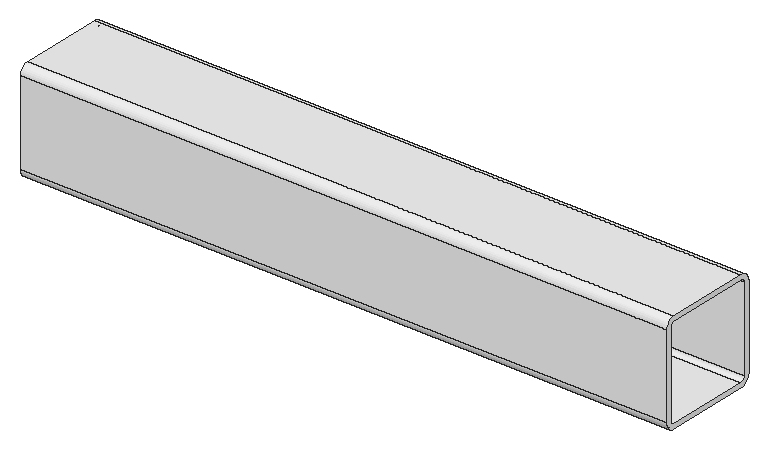
Revit family
Parameters (values of type "HSS203.2X203.2X9.5")
  시작 확장 계산 [instance] = 3012.5 mm + 시작 확장  # 3037.5 mm
  시작 확장 [instance] = 25 mm
  끝 확장 계산 [instance] = 3012.5 mm + 끝 확장  # 3037.5 mm
  끝 확장 [instance] = 25 mm
  보 재료 [instance] = 금속 - 스틸 - 345 MPa
  Assembly Code = ""
  A = 0.007 m²
  Ht = 203 mm
  Length [instance] = 1524 mm
  W = 0.549
  모양 = "정사각형"
  b = 203 mm
  tr = 2 * t  # 17.8 mm
  t = 8.9 mm
Reference planes
  plane 1 "중심(앞/뒤)": y = 0
  plane 2: z = 0
  plane 3 "중심(왼쪽/오른쪽)": x = 4.61
  plane 4 "왼쪽 부재": x = -604.99
  plane 5 "오른쪽 부재": x = 614.21
  plane 6: y = 101.5
  plane 7: y = -101.5
  plane 8 "상단": z = 101.5
  plane 9: z = -101.5
  plane 10 "왼쪽": x = -757.39
  plane 11 "오른쪽": x = 766.61
  plane 12: x = -642.49
  plane 13: x = 651.71
  plane 14: x = 2395.01
  plane 15: x = -2385.79
Forms (mm)
  Sweep 1, solid, material "금속 - 스틸 - 345 MPa" <- "보 재료", detail levels fine
    path origin (0, 0, 0) x (1, 0, 0) y (0, 1, 0)
      loop
        line (651.71, 0) -> (-642.49, 0)
    profile "M_속 빈-구조-단면-프로파일-섬세 : M_속 빈-구조-단면-프로파일-섬세" origin (4.61, 0, 0) x (0, -1, 0) y (0, 0, 1)
      loop
        arc (-83.7, 92.6) -> (-89.993, 89.993) -> (-92.6, 83.7) r 8.9
        line (-92.6, 83.7) -> (-92.6, -83.7)
        arc (-92.6, -83.7) -> (-89.993, -89.993) -> (-83.7, -92.6) r 8.9
        line (-83.7, -92.6) -> (83.7, -92.6)
        arc (83.7, -92.6) -> (89.993, -89.993) -> (92.6, -83.7) r 8.9
        line (92.6, -83.7) -> (92.6, 83.7)
        arc (92.6, 83.7) -> (89.993, 89.993) -> (83.7, 92.6) r 8.9
        line (83.7, 92.6) -> (-83.7, 92.6)
      loop
        arc (-101.5, -83.7) -> (-96.287, -96.287) -> (-83.7, -101.5) r 17.8
        line (-83.7, -101.5) -> (83.7, -101.5)
        arc (83.7, -101.5) -> (96.287, -96.287) -> (101.5, -83.7) r 17.8
        line (101.5, -83.7) -> (101.5, 83.7)
        arc (101.5, 83.7) -> (96.287, 96.287) -> (83.7, 101.5) r 17.8
        line (83.7, 101.5) -> (-83.7, 101.5)
        arc (-83.7, 101.5) -> (-96.287, 96.287) -> (-101.5, 83.7) r 17.8
        line (-101.5, 83.7) -> (-101.5, -83.7)
  Sweep 2, solid, material "금속 - 스틸 - 345 MPa" <- "보 재료", detail levels medium
    path origin (0, 0, 0) x (1, 0, 0) y (0, 1, 0)
      loop
        line (651.71, 0) -> (-642.49, 0)
    profile "M_속 빈-구조-단면-프로파일-중간 : M_속 빈-구조-단면-프로파일-중간" origin (4.61, 0, 0) x (0, -1, 0) y (0, 0, 1)
      loop
        line (-92.6, 92.6) -> (-92.6, -92.6) -> (92.6, -92.6) -> (92.6, 92.6) -> (-92.6, 92.6)
      loop
        line (-101.5, -101.5) -> (101.5, -101.5) -> (101.5, 101.5) -> (-101.5, 101.5) -> (-101.5, -101.5)
Lines and regions (mm)
  symbolic lines, style "숨겨진 면", detail levels medium+fine
    curve 1: line (651.71, -92.6, 0) -> (-642.49, -92.6, 0)
    curve 2: line (651.71, 92.6, 0) -> (-642.49, 92.6, 0)
    curve 3: line (-642.49, 0, 92.6) -> (651.71, 0, 92.6)
    curve 4: line (-642.49, 0, -92.6) -> (651.71, 0, -92.6)
  symbolic lines, style "기호 부착", detail levels coarse
    curve 5: line (4.61, -101.5, 101.5) -> (4.61, -101.5, -101.5)
    curve 6: line (4.61, -101.5, -101.5) -> (4.61, 101.5, -101.5)
    curve 7: line (4.61, 101.5, -101.5) -> (4.61, 101.5, 101.5)
    curve 8: line (4.61, 101.5, 101.5) -> (4.61, -101.5, 101.5)
Dimensions and locks
  "b": plane 6 to plane 7
  "Ht": plane 9 to plane 8 "상단"
  equal spacing: plane 9, plane 2, plane 8 "상단"
  equal spacing: plane 6, plane 1 "중심(앞/뒤)", plane 7
  "t": plane 6 to curve 2
  "t": curve 1 to plane 7
  "t": plane 8 "상단" to curve 3
  "t": curve 4 to plane 9
  "Length": plane 10 "왼쪽" to plane 11 "오른쪽"
  locked: plane 4 "왼쪽 부재" to plane 14 at 3000
  locked: plane 15 to plane 5 "오른쪽 부재" at 3000
  "시작 확장 계산": plane 12 to plane 14
  "끝 확장 계산": plane 15 to plane 13
  aligned and locked: Sweep 1 sketch curve to plane 1 "중심(앞/뒤)"
  aligned and locked: Sweep 2 sketch curve to plane 1 "중심(앞/뒤)"
  aligned and locked: curve 5 to Sweep 2
  aligned and locked: curve 6 to Sweep 2
  aligned and locked: curve 7 to Sweep 2
  aligned and locked: curve 8 to Sweep 2
  aligned and locked: plane 12 to Sweep 2 sketch curve
  aligned and locked: plane 13 to Sweep 2 sketch curve
  aligned and locked: plane 12 to Sweep 1 sketch curve
  aligned and locked: plane 13 to Sweep 1 sketch curve
  aligned and locked: plane 12 to curve 2
  aligned and locked: plane 12 to curve 1
  aligned and locked: plane 13 to curve 2
  aligned and locked: plane 13 to curve 1
  aligned and locked: plane 12 to curve 3
  aligned and locked: plane 12 to curve 4
  aligned and locked: plane 13 to curve 3
  aligned and locked: plane 13 to curve 4
